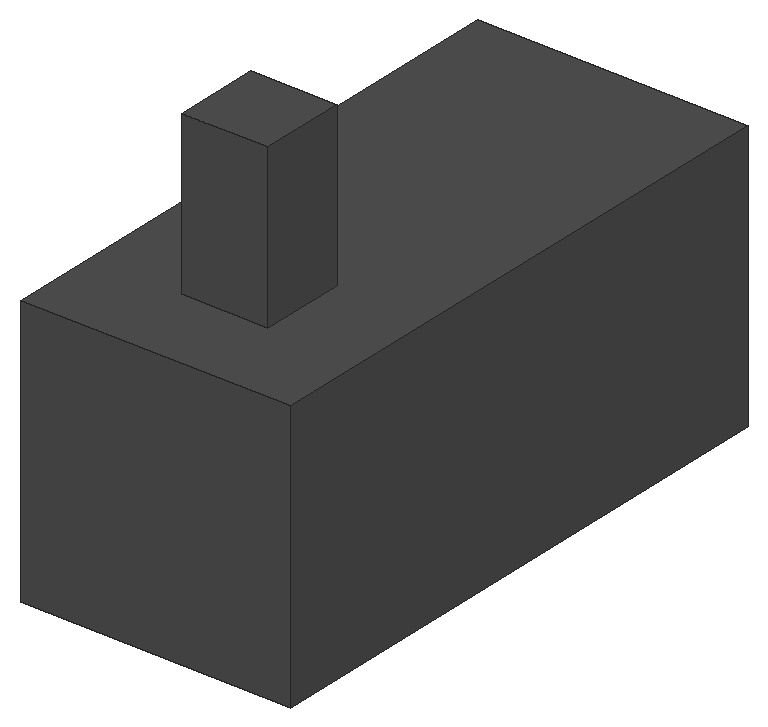
Revit family "Reece_Accessory_Mizu_Bloc MK2_Robe Hook", category Plumbing Fixtures, Revit 2018
Family settings
  Round Connector Dimension = Use Diameter
  Part Type = Normal
  Work Plane-Based = Yes
  Always vertical = Yes
  Cut with Voids When Loaded = Yes
  Shared = Yes
  Room Calculation Point = Yes
Parameters (values of type "Matte Black")
  URL = "https://www.reece.com.au/product/-9508785"
  Type Comments = "Accessory"
  Reece_Product_Web Page = "https://www.reece.com.au/product/-9508785"
  Reece_Product_Type = "Accessory"  # constant formula
  Reece_Product_Sub Brand = "Bloc MK2"  # constant formula
  Reece_Product_Number = "9508785"
  Reece_Product_Mount = "Wall Mounted"
  Reece_Product_Description = "Mizu Bloc MK2 Robe Hook Matte Black"
  Reece_Product_Brand = "Mizu"  # constant formula
  Reece_Overall_Width = 53 mm  # constant formula
  Reece_Overall_Length = 25 mm  # constant formula
  Reece_Overall_Height = 40 mm  # constant formula
  Reece_Material_Main = Reece_Brass_Matte Black
  Reece_Height_From_Level [instance] = 1000 mm
  Reece_Detail_Installation = "Wall Mounted"  # constant formula
  Reece_Detail_Disclaimer = "THIS FILE IS THE PROPERTY OF THE REECE GROUP. IT MAY NOT BE REPRODUCED, REVERSE-ENGINEERED OR MODIFIED. ANY REPUBLICATION, TRANSMISSION OR DISTRIBUTION FOR THE PURPOSE OF COMMERCIALLY EXPLOITING THE FILES IS PROHIBITED."  # constant formula
  Reece_Detail_Additional = "Robe Hook"  # constant formula
  Model = "Bloc MK2"
  Manufacturer = "Mizu"
  Keynote = "Product #9508785, Reece_Accessory_Mizu_Bloc MK2_Robe Hook - Matte Black"
  Disclaimer = "THIS FILE IS THE PROPERTY OF THE REECE GROUP. IT MAY NOT BE REPRODUCED, REVERSE-ENGINEERED OR MODIFIED. ANY REPUBLICATION, TRANSMISSION OR DISTRIBUTION FOR THE PURPOSE OF COMMERCIALLY EXPLOITING THE FILES IS PROHIBITED."  # constant formula
  Description = "Mizu Bloc MK2 Robe Hook Matte Black"
  Default Elevation = 0 mm
Types (3, lengths in mm): name | URL | Reece_Product_Web Page | Reece_Product_Number | Reece_Product_Description | Reece_Material_Main | Keynote | Description
  (no name) | "https://www.reece.com.au/product/-2263385" | "https://www.reece.com.au/product/-2263385" | "2263385" | "Mizu Bloc MK2 Robe Hook Chrome" | Reece_Brass_Chrome | "Product #2263385, Reece_Accessory_Mizu_Bloc MK2_Robe Hook -  " | "Mizu Bloc MK2 Robe Hook Chrome"
  Chrome | "https://www.reece.com.au/product/-2263385" | "https://www.reece.com.au/product/-2263385" | "2263385" | "Mizu Bloc MK2 Robe Hook Chrome" | Reece_Brass_Chrome | "Product #2263385, Reece_Accessory_Mizu_Bloc MK2_Robe Hook - Chrome" | "Mizu Bloc MK2 Robe Hook Chrome"
  Matte Black | "https://www.reece.com.au/product/-9508785" | "https://www.reece.com.au/product/-9508785" | "9508785" | "Mizu Bloc MK2 Robe Hook Matte Black" | Reece_Brass_Matte Black | "Product #9508785, Reece_Accessory_Mizu_Bloc MK2_Robe Hook - Matte Black" | "Mizu Bloc MK2 Robe Hook Matte Black"
Reference planes
  plane 1 "Center (Front/Back)": y = 0
  plane 2 "Bottom Host Plane": z = -5
  plane 3 "Center (Left/Right)": x = 0
  plane 4 "Height From Floor": z = 1000
  plane 5: y = -53
  plane 6: z = 1027.5
  plane 7: x = -12.5
  plane 8: x = 12.5
  plane 9: z = 987.5
  plane 10: z = 1012.5
Forms (mm)
  Extrusion 1, solid, material "Reece_Brass_Matte Black" <- "Reece_Material_Main"
    sketch origin (0.042, -26.5, 488) x (0, 1, 0) y (-1, 0, 0)
      loop
        line (-26.5, 12.542) -> (-26.5, -12.458) -> (26.5, -12.458) -> (26.5, 12.542) -> (-26.5, 12.542)
    from 499.5 to 524.5
  Extrusion 2, solid, material "Reece_Brass_Matte Black" <- "Reece_Material_Main"
    sketch origin (0.042, -26.662, 1012.5) x (0, 1, 0) y (-1, 0, 0)
      loop
        line (-18.338, 4) -> (-18.338, -4) -> (-10.338, -4) -> (-10.338, 4) -> (-18.338, 4)
    from -1.34 to 15
Cuts and joins
  joined: Extrusion 1, Extrusion 2
Lines and regions (mm)
  model lines, style "InvisibleLines"
    curve 1: line (0, 0, -5) -> (0, 0, 1000)
Text (mm)
  text "Reece ©" at (2668.853, -2395.367, 2952.593), in view "Reece Preview"
  text "Reece Copyright © 2018, Reece Ltd." at (-247.475, -190.626, 0), in view "Ref. Level"
Dimensions and locks
  plane 2 "Bottom Host Plane" to level = 5 mm
  locked: level to plane 2 "Bottom Host Plane" at 5
  "Reece_Height_From_Level": plane 4 "Height From Floor" to level
  "Reece_Overall_Height": plane 6 to plane 9
  "Reece_Overall_Length": plane 7 to plane 8
  "Reece_Overall_Width": plane 1 "Center (Front/Back)" to plane 5
  locked: plane 4 "Height From Floor" to plane 9 at 12.5
  locked: plane 10 to plane 4 "Height From Floor" at 12.5
  aligned and locked: plane 2 "Bottom Host Plane" to curve 1
  aligned and locked: plane 4 "Height From Floor" to curve 1
  aligned and locked: plane 6 to cut or joined group of Extrusion 1, Extrusion 2
  aligned and locked: plane 10 to cut or joined group of Extrusion 1, Extrusion 2
  aligned and locked: cut or joined group of Extrusion 1, Extrusion 2 to plane 9
  aligned and locked: cut or joined group of Extrusion 1, Extrusion 2 to plane 10
Automatic sketch dimensions
  plane 3 "Center (Left/Right)" to curve 1 = 0 mm
  plane 3 "Center (Left/Right)" to Extrusion 1 sketch curve = 12.5 mm
  plane 1 "Center (Front/Back)" to Extrusion 1 sketch curve = 53 mm
  Extrusion 1 sketch curve to plane 1 "Center (Front/Back)" = 0 mm
  Extrusion 2 sketch curve to Extrusion 1 = 8 mm
  Extrusion 2 sketch curve to Extrusion 2 sketch curve = 8 mm  (x2)
  Extrusion 2 sketch curve to Extrusion 1 = 8.458 mm
  Extrusion 1 sketch curve to plane 7 = 0 mm
